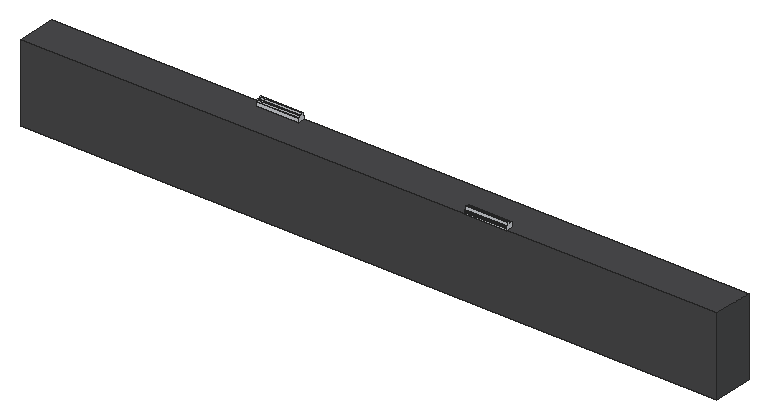
Revit family "DTM30N6.1", category Luminarias, Revit 2019
Family settings
  Cota de conector redondo = Diámetro de uso
  Tipo de pieza = Normal
  Se basa en plano de trabajo = Sí
  Siempre vertical = Sí
  Corte con vacíos al cargar = No
  Origen de luz = Sí
  Compartido = No
  Punto de cálculo de habitación = No
Parameters (values of type "RECTANGULAR DWN RIEL_DTM30N6.1.1535")
  Ángulo de inclinación = 60.00°
  Zone [instance] = ""
  Watt per fixture = 15
  Wattage = 30.4 W
  built-in parameter 1150107 = 4000 (stored number, unit not read)
  built-in parameter 1150110 = 1 (stored number, unit not read)
  built-in parameter 1150109 = 1 (stored number, unit not read)
  built-in parameter 1150112 = 1 (stored number, unit not read)
  built-in parameter 1150113 = 1 (stored number, unit not read)
  built-in parameter 1114218 = 1 (stored number, unit not read)
  Keynote = ""
  built-in parameter 1150137 = (empty or 0)
  built-in parameter 1150132 = (empty or 0)
  Modelo = "DTM30N6.1.1535"
  Lámpara = "3030SMD PHILIPS"
  built-in parameter 1150105 = 217.72 (stored number, unit not read)
  built-in parameter 1150102 = (empty or 0)
  built-in parameter 1150106 = 2.1772 (stored number, unit not read)
  Lumens = 2736 lm
  Color Filter = 16777215
  built-in parameter 1114217 = 1 (stored number, unit not read)
  built-in parameter 1150139 = (empty or 0)
  Fabricante = "BRILLANT"
  Default Elevation = 1219.2 mm
  built-in parameter 1150104 = 8.3613 (stored number, unit not read)
  Descripción = "LUMINARIA DOWNLIGHT EN FORMATO RECTANGULAR COMPATIBLE CON RIEL DE 6 ENTRADAS Y 3 CIRCUITOS, CUERPO DE ALUMINIO ACABADO EN COLOR NEGRO, IP 20, PESO 1.40Kg, TIPO DE LED 3030SMD PHILIPS CON 30.4W TOTAL, 1450 LUMENES, 90LM/W, IRC 90, TEMPERATURA EN BLANCO FRIO 4000K, 50 MIL HORAS DE VIDA PROMEDIO, APERTURA ELIPTICA DE 15X35 GRADOS POR PROYECTO, ALIMENTADO A 90-240V"
  built-in parameter 1150115 = 1 (stored number, unit not read)
  built-in parameter 1150114 = 1 (stored number, unit not read)
  Comentarios de vataje = "90-240V"
  built-in parameter 1150138 = (empty or 0)
  built-in parameter 1150134 = 12
  Circuit [instance] = ""
  Dimming Lamp Color Temperature Shift = (empty or 0)
  Archivo de red fotométrica = "L646A-30W-840-B-15X35_IESNA95.IES"
  built-in parameter 1150133 = 10 (stored number, unit not read)
Reference planes
  plane 1 "Centro (Frontal/Posterior)": y = 0
  plane 2: z = 0
  plane 3 "Centro (Izquierda/Derecha)": x = 0
Forms (mm)
  Extrusion 1, solid, material "Default Form"
    sketch origin (0, 0, 0) x (1, 0, 0) y (0, 0, 1)
      loop
        line (-323, 0) -> (-323, -72) -> (323, -72) -> (323, 0) -> (-323, 0)
    from -18.326 to 18.326
  Extrusion 2, solid
    sketch origin (0, 0, 3.217) x (0, 1, 0) y (0, 0, 1)
      loop
        line (-12.149, -3.217) -> (-12.149, 0) -> (-12.935, 0) -> (-12.935, 1.637) -> (-13.796, 1.637) -> (-13.796, 0) -> (-14.582, 0) -> (-14.582, 0.811) -> (-15.443, 0.811) -> (-15.443, 0) -> (-16.233, 0) -> (-16.233, 2.691) -> (-17.279, 2.691) -> (-17.279, 0) -> (-18.061, 0) -> (-18.061, -0.861) -> (-17.162, -0.861) -> (-17.162, -2.042) -> (-18.326, -2.042) -> (-18.326, -3.217) -> (-12.149, -3.217)
    from 89.098 to 128.24
  Extrusion 3, solid
    sketch origin (0, 0, 3.217) x (0, -1, 0) y (0, 0, 1)
      loop
        line (-12.149, -3.217) -> (-12.149, 0) -> (-12.935, 0) -> (-12.935, 1.637) -> (-13.796, 1.637) -> (-13.796, 0) -> (-14.582, 0) -> (-14.582, 0.811) -> (-15.443, 0.811) -> (-15.443, 0) -> (-16.233, 0) -> (-16.233, 2.691) -> (-17.279, 2.691) -> (-17.279, 0) -> (-18.061, 0) -> (-18.061, -0.861) -> (-17.162, -0.861) -> (-17.162, -2.042) -> (-18.326, -2.042) -> (-18.326, -3.217) -> (-12.149, -3.217)
    from 89.098 to 128.24
  Blend 4, void
    base sketch origin (-142.93, 0, 0) x (1, 0, 0) y (0, 1, 0)
      loop
        line (-162, 16.149) -> (-162, -16.149) -> (-144.14, -16.149) -> (-144.14, 16.149) -> (-162, 16.149)
    top sketch origin (-142.93, 0, 0) x (1, 0, 0) y (0, 1, 0)
      loop
        line (-160, 12.149) -> (-160, -12.149) -> (-146.14, -12.149) -> (-146.14, 12.149) -> (-160, 12.149)
    from -72 to -61.591
  Blend 5, void
    base sketch origin (-115.93, 0, 0) x (1, 0, 0) y (0, 1, 0)
      loop
        line (-162, 16.149) -> (-162, -16.149) -> (-144.14, -16.149) -> (-144.14, 16.149) -> (-162, 16.149)
    top sketch origin (-115.93, 0, 0) x (1, 0, 0) y (0, 1, 0)
      loop
        line (-160, 12.149) -> (-160, -12.149) -> (-146.14, -12.149) -> (-146.14, 12.149) -> (-160, 12.149)
    from -72 to -61.591
  Blend 6, void
    base sketch origin (-88.93, 0, 0) x (1, 0, 0) y (0, 1, 0)
      loop
        line (-162, 16.149) -> (-162, -16.149) -> (-144.14, -16.149) -> (-144.14, 16.149) -> (-162, 16.149)
    top sketch origin (-88.93, 0, 0) x (1, 0, 0) y (0, 1, 0)
      loop
        line (-160, 12.149) -> (-160, -12.149) -> (-146.14, -12.149) -> (-146.14, 12.149) -> (-160, 12.149)
    from -72 to -61.591
  Blend 7, void
    base sketch origin (-61.93, 0, 0) x (1, 0, 0) y (0, 1, 0)
      loop
        line (-162, 16.149) -> (-162, -16.149) -> (-144.14, -16.149) -> (-144.14, 16.149) -> (-162, 16.149)
    top sketch origin (-61.93, 0, 0) x (1, 0, 0) y (0, 1, 0)
      loop
        line (-160, 12.149) -> (-160, -12.149) -> (-146.14, -12.149) -> (-146.14, 12.149) -> (-160, 12.149)
    from -72 to -61.591
  Blend 8, void
    base sketch origin (-34.93, 0, 0) x (1, 0, 0) y (0, 1, 0)
      loop
        line (-162, 16.149) -> (-162, -16.149) -> (-144.14, -16.149) -> (-144.14, 16.149) -> (-162, 16.149)
    top sketch origin (-34.93, 0, 0) x (1, 0, 0) y (0, 1, 0)
      loop
        line (-160, 12.149) -> (-160, -12.149) -> (-146.14, -12.149) -> (-146.14, 12.149) -> (-160, 12.149)
    from -72 to -61.591
  Blend 9, void
    base sketch origin (-7.93, 0, 0) x (1, 0, 0) y (0, 1, 0)
      loop
        line (-162, 16.149) -> (-162, -16.149) -> (-144.14, -16.149) -> (-144.14, 16.149) -> (-162, 16.149)
    top sketch origin (-7.93, 0, 0) x (1, 0, 0) y (0, 1, 0)
      loop
        line (-160, 12.149) -> (-160, -12.149) -> (-146.14, -12.149) -> (-146.14, 12.149) -> (-160, 12.149)
    from -72 to -61.591
  Blend 10, void
    base sketch origin (19.07, 0, 0) x (1, 0, 0) y (0, 1, 0)
      loop
        line (-162, 16.149) -> (-162, -16.149) -> (-144.14, -16.149) -> (-144.14, 16.149) -> (-162, 16.149)
    top sketch origin (19.07, 0, 0) x (1, 0, 0) y (0, 1, 0)
      loop
        line (-160, 12.149) -> (-160, -12.149) -> (-146.14, -12.149) -> (-146.14, 12.149) -> (-160, 12.149)
    from -72 to -61.591
  Blend 11, void
    base sketch origin (46.07, 0, 0) x (1, 0, 0) y (0, 1, 0)
      loop
        line (-162, 16.149) -> (-162, -16.149) -> (-144.14, -16.149) -> (-144.14, 16.149) -> (-162, 16.149)
    top sketch origin (46.07, 0, 0) x (1, 0, 0) y (0, 1, 0)
      loop
        line (-160, 12.149) -> (-160, -12.149) -> (-146.14, -12.149) -> (-146.14, 12.149) -> (-160, 12.149)
    from -72 to -61.591
  Blend 12, void
    base sketch origin (73.07, 0, 0) x (1, 0, 0) y (0, 1, 0)
      loop
        line (-162, 16.149) -> (-162, -16.149) -> (-144.14, -16.149) -> (-144.14, 16.149) -> (-162, 16.149)
    top sketch origin (73.07, 0, 0) x (1, 0, 0) y (0, 1, 0)
      loop
        line (-160, 12.149) -> (-160, -12.149) -> (-146.14, -12.149) -> (-146.14, 12.149) -> (-160, 12.149)
    from -72 to -61.591
  Blend 13, void
    base sketch origin (100.07, 0, 0) x (1, 0, 0) y (0, 1, 0)
      loop
        line (-162, 16.149) -> (-162, -16.149) -> (-144.14, -16.149) -> (-144.14, 16.149) -> (-162, 16.149)
    top sketch origin (100.07, 0, 0) x (1, 0, 0) y (0, 1, 0)
      loop
        line (-160, 12.149) -> (-160, -12.149) -> (-146.14, -12.149) -> (-146.14, 12.149) -> (-160, 12.149)
    from -72 to -61.591
  Blend 14, void
    base sketch origin (127.07, 0, 0) x (1, 0, 0) y (0, 1, 0)
      loop
        line (-162, 16.149) -> (-162, -16.149) -> (-144.14, -16.149) -> (-144.14, 16.149) -> (-162, 16.149)
    top sketch origin (127.07, 0, 0) x (1, 0, 0) y (0, 1, 0)
      loop
        line (-160, 12.149) -> (-160, -12.149) -> (-146.14, -12.149) -> (-146.14, 12.149) -> (-160, 12.149)
    from -72 to -61.591
  Blend 15, void
    base sketch origin (154.07, 0, 0) x (1, 0, 0) y (0, 1, 0)
      loop
        line (-162, 16.149) -> (-162, -16.149) -> (-144.14, -16.149) -> (-144.14, 16.149) -> (-162, 16.149)
    top sketch origin (154.07, 0, 0) x (1, 0, 0) y (0, 1, 0)
      loop
        line (-160, 12.149) -> (-160, -12.149) -> (-146.14, -12.149) -> (-146.14, 12.149) -> (-160, 12.149)
    from -72 to -61.591
  Blend 16, void
    base sketch origin (181.07, 0, 0) x (1, 0, 0) y (0, 1, 0)
      loop
        line (-162, 16.149) -> (-162, -16.149) -> (-144.14, -16.149) -> (-144.14, 16.149) -> (-162, 16.149)
    top sketch origin (181.07, 0, 0) x (1, 0, 0) y (0, 1, 0)
      loop
        line (-160, 12.149) -> (-160, -12.149) -> (-146.14, -12.149) -> (-146.14, 12.149) -> (-160, 12.149)
    from -72 to -61.591
  Blend 17, void
    base sketch origin (208.07, 0, 0) x (1, 0, 0) y (0, 1, 0)
      loop
        line (-162, 16.149) -> (-162, -16.149) -> (-144.14, -16.149) -> (-144.14, 16.149) -> (-162, 16.149)
    top sketch origin (208.07, 0, 0) x (1, 0, 0) y (0, 1, 0)
      loop
        line (-160, 12.149) -> (-160, -12.149) -> (-146.14, -12.149) -> (-146.14, 12.149) -> (-160, 12.149)
    from -72 to -61.591
  Blend 18, void
    base sketch origin (235.07, 0, 0) x (1, 0, 0) y (0, 1, 0)
      loop
        line (-162, 16.149) -> (-162, -16.149) -> (-144.14, -16.149) -> (-144.14, 16.149) -> (-162, 16.149)
    top sketch origin (235.07, 0, 0) x (1, 0, 0) y (0, 1, 0)
      loop
        line (-160, 12.149) -> (-160, -12.149) -> (-146.14, -12.149) -> (-146.14, 12.149) -> (-160, 12.149)
    from -72 to -61.591
  Blend 19, void
    base sketch origin (262.07, 0, 0) x (1, 0, 0) y (0, 1, 0)
      loop
        line (-162, 16.149) -> (-162, -16.149) -> (-144.14, -16.149) -> (-144.14, 16.149) -> (-162, 16.149)
    top sketch origin (262.07, 0, 0) x (1, 0, 0) y (0, 1, 0)
      loop
        line (-160, 12.149) -> (-160, -12.149) -> (-146.14, -12.149) -> (-146.14, 12.149) -> (-160, 12.149)
    from -72 to -61.591
  Blend 20, void
    base sketch origin (289.07, 0, 0) x (1, 0, 0) y (0, 1, 0)
      loop
        line (-162, 16.149) -> (-162, -16.149) -> (-144.14, -16.149) -> (-144.14, 16.149) -> (-162, 16.149)
    top sketch origin (289.07, 0, 0) x (1, 0, 0) y (0, 1, 0)
      loop
        line (-160, 12.149) -> (-160, -12.149) -> (-146.14, -12.149) -> (-146.14, 12.149) -> (-160, 12.149)
    from -72 to -61.591
  Blend 21, void
    base sketch origin (316.07, 0, 0) x (1, 0, 0) y (0, 1, 0)
      loop
        line (-162, 16.149) -> (-162, -16.149) -> (-144.14, -16.149) -> (-144.14, 16.149) -> (-162, 16.149)
    top sketch origin (316.07, 0, 0) x (1, 0, 0) y (0, 1, 0)
      loop
        line (-160, 12.149) -> (-160, -12.149) -> (-146.14, -12.149) -> (-146.14, 12.149) -> (-160, 12.149)
    from -72 to -61.591
  Blend 22, void
    base sketch origin (343.07, 0, 0) x (1, 0, 0) y (0, 1, 0)
      loop
        line (-162, 16.149) -> (-162, -16.149) -> (-144.14, -16.149) -> (-144.14, 16.149) -> (-162, 16.149)
    top sketch origin (343.07, 0, 0) x (1, 0, 0) y (0, 1, 0)
      loop
        line (-160, 12.149) -> (-160, -12.149) -> (-146.14, -12.149) -> (-146.14, 12.149) -> (-160, 12.149)
    from -72 to -61.591
  Blend 23, void
    base sketch origin (370.07, 0, 0) x (1, 0, 0) y (0, 1, 0)
      loop
        line (-162, 16.149) -> (-162, -16.149) -> (-144.14, -16.149) -> (-144.14, 16.149) -> (-162, 16.149)
    top sketch origin (370.07, 0, 0) x (1, 0, 0) y (0, 1, 0)
      loop
        line (-160, 12.149) -> (-160, -12.149) -> (-146.14, -12.149) -> (-146.14, 12.149) -> (-160, 12.149)
    from -72 to -61.591
  Blend 24, void
    base sketch origin (397.07, 0, 0) x (1, 0, 0) y (0, 1, 0)
      loop
        line (-162, 16.149) -> (-162, -16.149) -> (-144.14, -16.149) -> (-144.14, 16.149) -> (-162, 16.149)
    top sketch origin (397.07, 0, 0) x (1, 0, 0) y (0, 1, 0)
      loop
        line (-160, 12.149) -> (-160, -12.149) -> (-146.14, -12.149) -> (-146.14, 12.149) -> (-160, 12.149)
    from -72 to -61.591
  Blend 25, void
    base sketch origin (424.07, 0, 0) x (1, 0, 0) y (0, 1, 0)
      loop
        line (-162, 16.149) -> (-162, -16.149) -> (-144.14, -16.149) -> (-144.14, 16.149) -> (-162, 16.149)
    top sketch origin (424.07, 0, 0) x (1, 0, 0) y (0, 1, 0)
      loop
        line (-160, 12.149) -> (-160, -12.149) -> (-146.14, -12.149) -> (-146.14, 12.149) -> (-160, 12.149)
    from -72 to -61.591
  Blend 26, void
    base sketch origin (451.07, 0, 0) x (1, 0, 0) y (0, 1, 0)
      loop
        line (-162, 16.149) -> (-162, -16.149) -> (-144.14, -16.149) -> (-144.14, 16.149) -> (-162, 16.149)
    top sketch origin (451.07, 0, 0) x (1, 0, 0) y (0, 1, 0)
      loop
        line (-160, 12.149) -> (-160, -12.149) -> (-146.14, -12.149) -> (-146.14, 12.149) -> (-160, 12.149)
    from -72 to -61.591
Cuts and joins
  Blend 4, Blend 5, Blend 6, Blend 7, Blend 8, Blend 9, Blend 10, Blend 11, Blend 12, Blend 13, Blend 14, Blend 15, Blend 16, Blend 17, Blend 18, Blend 19, Blend 20, Blend 21, Blend 22, Blend 23, Blend 24, Blend 25, Blend 26 cuts Extrusion 1
Dimensions and locks
  equal spacing: Extrusion 1, plane 1 "Centro (Frontal/Posterior)", Extrusion 1
  Extrusion 1 to plane 1 "Centro (Frontal/Posterior)" = 18.326 mm
  Extrusion 1 to Extrusion 1 = 36.651 mm
  Extrusion 1 to Extrusion 1 = 72 mm
  Extrusion 1 to Extrusion 1 = 646 mm
  cut or joined group 1 (Extrusion 1, Blend 4, Blend 5, Blend 6, Blend 7, Blend 8, Blend 9, Blend 10, Blend 11, Blend 12, Blend 13, Blend 14, Blend 15, Blend 16, Blend 17, Blend 18, Blend 19, Blend 20, Blend 21, Blend 22, Blend 23, Blend 24, Blend 25, Blend 26) to cut or joined group 1 = 72 mm
  cut or joined group 1 to cut or joined group 1 = 36.651 mm
  cut or joined group 1 to cut or joined group 1 = 646 mm
  equal spacing: cut or joined group 1, plane 1 "Centro (Frontal/Posterior)", cut or joined group 1
  aligned and locked: level to plane 2
Automatic sketch dimensions
  Extrusion 1 sketch curve to level = 0 mm
  Extrusion 1 sketch curve to level = 72 mm
  Extrusion 1 sketch curve to plane 3 "Centro (Izquierda/Derecha)" = 323 mm
  plane 3 "Centro (Izquierda/Derecha)" to Extrusion 1 sketch curve = 323 mm
  Extrusion 2 sketch curve to level = 0 mm
  level to Extrusion 2 sketch curve = 1.175 mm
  plane 1 "Centro (Frontal/Posterior)" to Extrusion 2 sketch curve = 18.326 mm
  Extrusion 2 sketch curve to Extrusion 2 sketch curve = 0.265 mm
  Extrusion 2 sketch curve to Extrusion 2 sketch curve = 0.782 mm
  Extrusion 2 sketch curve to Extrusion 2 sketch curve = 1.164 mm
  Extrusion 2 sketch curve to Extrusion 2 sketch curve = 1.046 mm
  Extrusion 2 sketch curve to Extrusion 2 sketch curve = 0.789 mm
  Extrusion 2 sketch curve to Extrusion 2 sketch curve = 0.861 mm  (x3)
  Extrusion 2 sketch curve to Extrusion 2 sketch curve = 0.786 mm
  Extrusion 2 sketch curve to Extrusion 2 sketch curve = 0.785 mm
  Extrusion 2 sketch curve to Extrusion 2 sketch curve = 1.181 mm
  level to Extrusion 2 sketch curve = 3.217 mm
  Extrusion 2 sketch curve to Extrusion 2 sketch curve = 0 mm  (x2)
  Extrusion 2 sketch curve to Extrusion 2 sketch curve = 0.811 mm
  Extrusion 2 sketch curve to Extrusion 2 sketch curve = 0.826 mm
  Extrusion 2 sketch curve to Extrusion 2 sketch curve = 1.88 mm
  Extrusion 3 sketch curve to level = 0 mm
  level to Extrusion 3 sketch curve = 1.175 mm
  Extrusion 3 sketch curve to plane 1 "Centro (Frontal/Posterior)" = 18.326 mm
  Extrusion 3 sketch curve to Extrusion 3 sketch curve = 0.265 mm
  Extrusion 3 sketch curve to Extrusion 3 sketch curve = 0.782 mm
  Extrusion 3 sketch curve to Extrusion 3 sketch curve = 1.164 mm
  Extrusion 3 sketch curve to Extrusion 3 sketch curve = 1.046 mm
  Extrusion 3 sketch curve to Extrusion 3 sketch curve = 0.789 mm
  Extrusion 3 sketch curve to Extrusion 3 sketch curve = 0.861 mm  (x3)
  Extrusion 3 sketch curve to Extrusion 3 sketch curve = 0.786 mm
  Extrusion 3 sketch curve to Extrusion 3 sketch curve = 0.785 mm
  Extrusion 3 sketch curve to Extrusion 3 sketch curve = 1.181 mm
  level to Extrusion 3 sketch curve = 3.217 mm
  Extrusion 3 sketch curve to Extrusion 3 sketch curve = 0 mm  (x2)
  Extrusion 3 sketch curve to Extrusion 3 sketch curve = 0.811 mm
  Extrusion 3 sketch curve to Extrusion 3 sketch curve = 0.826 mm
  Extrusion 3 sketch curve to Extrusion 3 sketch curve = 1.88 mm
  Blend 4 sketch curve to plane 1 "Centro (Frontal/Posterior)" = 16.149 mm
  Blend 4 sketch curve to plane 3 "Centro (Izquierda/Derecha)" = 304.93 mm
  Blend 4 sketch curve to Blend 4 sketch curve = 17.86 mm
  plane 1 "Centro (Frontal/Posterior)" to Blend 4 sketch curve = 16.149 mm
  Blend 4 sketch curve to plane 1 "Centro (Frontal/Posterior)" = 12.149 mm
  Blend 4 sketch curve to plane 3 "Centro (Izquierda/Derecha)" = 302.93 mm
  Blend 4 sketch curve to Blend 4 sketch curve = 13.86 mm
  plane 1 "Centro (Frontal/Posterior)" to Blend 4 sketch curve = 12.149 mm
  Blend 5 sketch curve to Blend 5 sketch curve = 17.86 mm
  Blend 5 sketch curve to Blend 5 sketch curve = 13.86 mm
  Blend 5 sketch curve to Blend 5 sketch curve = 32.298 mm
  Blend 5 sketch curve to Blend 5 sketch curve = 24.298 mm
  Blend 6 sketch curve to Blend 6 sketch curve = 17.86 mm
  Blend 6 sketch curve to Blend 6 sketch curve = 13.86 mm
  Blend 6 sketch curve to Blend 6 sketch curve = 32.298 mm
  Blend 6 sketch curve to Blend 6 sketch curve = 24.298 mm
  Blend 7 sketch curve to Blend 7 sketch curve = 17.86 mm
  Blend 7 sketch curve to Blend 7 sketch curve = 13.86 mm
  Blend 7 sketch curve to Blend 7 sketch curve = 32.298 mm
  Blend 7 sketch curve to Blend 7 sketch curve = 24.298 mm
  Blend 8 sketch curve to Blend 8 sketch curve = 17.86 mm
  Blend 8 sketch curve to Blend 8 sketch curve = 13.86 mm
  Blend 8 sketch curve to Blend 8 sketch curve = 32.298 mm
  Blend 8 sketch curve to Blend 8 sketch curve = 24.298 mm
  Blend 9 sketch curve to Blend 9 sketch curve = 17.86 mm
  Blend 9 sketch curve to Blend 9 sketch curve = 13.86 mm
  Blend 9 sketch curve to Blend 9 sketch curve = 32.298 mm
  Blend 9 sketch curve to Blend 9 sketch curve = 24.298 mm
  Blend 10 sketch curve to Blend 10 sketch curve = 17.86 mm
  Blend 10 sketch curve to Blend 10 sketch curve = 13.86 mm
  Blend 10 sketch curve to Blend 10 sketch curve = 32.298 mm
  Blend 10 sketch curve to Blend 10 sketch curve = 24.298 mm
  Blend 11 sketch curve to Blend 11 sketch curve = 17.86 mm
  Blend 11 sketch curve to Blend 11 sketch curve = 13.86 mm
  Blend 11 sketch curve to Blend 11 sketch curve = 32.298 mm
  Blend 11 sketch curve to Blend 11 sketch curve = 24.298 mm
  Blend 12 sketch curve to Blend 12 sketch curve = 17.86 mm
  Blend 12 sketch curve to Blend 12 sketch curve = 13.86 mm
  Blend 12 sketch curve to Blend 12 sketch curve = 32.298 mm
  Blend 12 sketch curve to Blend 12 sketch curve = 24.298 mm
  Blend 13 sketch curve to Blend 13 sketch curve = 17.86 mm
  Blend 13 sketch curve to Blend 13 sketch curve = 13.86 mm
  Blend 13 sketch curve to Blend 13 sketch curve = 32.298 mm
  Blend 13 sketch curve to Blend 13 sketch curve = 24.298 mm
  Blend 14 sketch curve to Blend 14 sketch curve = 17.86 mm
  Blend 14 sketch curve to Blend 14 sketch curve = 13.86 mm
  Blend 14 sketch curve to Blend 14 sketch curve = 32.298 mm
  Blend 14 sketch curve to Blend 14 sketch curve = 24.298 mm
  Blend 15 sketch curve to Blend 15 sketch curve = 17.86 mm
  Blend 15 sketch curve to Blend 15 sketch curve = 13.86 mm
  Blend 15 sketch curve to Blend 15 sketch curve = 32.298 mm
  Blend 15 sketch curve to Blend 15 sketch curve = 24.298 mm
  Blend 16 sketch curve to Blend 16 sketch curve = 17.86 mm
  Blend 16 sketch curve to Blend 16 sketch curve = 13.86 mm
  Blend 16 sketch curve to Blend 16 sketch curve = 32.298 mm
  Blend 16 sketch curve to Blend 16 sketch curve = 24.298 mm
  Blend 17 sketch curve to Blend 17 sketch curve = 17.86 mm
  Blend 17 sketch curve to Blend 17 sketch curve = 13.86 mm
  Blend 17 sketch curve to Blend 17 sketch curve = 32.298 mm
  Blend 17 sketch curve to Blend 17 sketch curve = 24.298 mm
  Blend 18 sketch curve to Blend 18 sketch curve = 17.86 mm
  Blend 18 sketch curve to Blend 18 sketch curve = 13.86 mm
  Blend 18 sketch curve to Blend 18 sketch curve = 32.298 mm
  Blend 18 sketch curve to Blend 18 sketch curve = 24.298 mm
  Blend 19 sketch curve to Blend 19 sketch curve = 17.86 mm
  Blend 19 sketch curve to Blend 19 sketch curve = 13.86 mm
  Blend 19 sketch curve to Blend 19 sketch curve = 32.298 mm
  Blend 19 sketch curve to Blend 19 sketch curve = 24.298 mm
  Blend 20 sketch curve to Blend 20 sketch curve = 17.86 mm
  Blend 20 sketch curve to Blend 20 sketch curve = 13.86 mm
  Blend 20 sketch curve to Blend 20 sketch curve = 32.298 mm
  Blend 20 sketch curve to Blend 20 sketch curve = 24.298 mm
  Blend 21 sketch curve to Blend 21 sketch curve = 17.86 mm
  Blend 21 sketch curve to Blend 21 sketch curve = 13.86 mm
  Blend 21 sketch curve to Blend 21 sketch curve = 32.298 mm
  Blend 21 sketch curve to Blend 21 sketch curve = 24.298 mm
  Blend 22 sketch curve to Blend 22 sketch curve = 17.86 mm
  Blend 22 sketch curve to Blend 22 sketch curve = 13.86 mm
  Blend 22 sketch curve to Blend 22 sketch curve = 32.298 mm
  Blend 22 sketch curve to Blend 22 sketch curve = 24.298 mm
  Blend 23 sketch curve to Blend 23 sketch curve = 17.86 mm
  Blend 23 sketch curve to Blend 23 sketch curve = 13.86 mm
  Blend 23 sketch curve to Blend 23 sketch curve = 32.298 mm
  Blend 23 sketch curve to Blend 23 sketch curve = 24.298 mm
  Blend 24 sketch curve to Blend 24 sketch curve = 17.86 mm
  Blend 24 sketch curve to Blend 24 sketch curve = 13.86 mm
  Blend 24 sketch curve to Blend 24 sketch curve = 32.298 mm
  Blend 24 sketch curve to Blend 24 sketch curve = 24.298 mm
  Blend 25 sketch curve to Blend 25 sketch curve = 17.86 mm
  Blend 25 sketch curve to Blend 25 sketch curve = 13.86 mm
  Blend 25 sketch curve to Blend 25 sketch curve = 32.298 mm
  Blend 25 sketch curve to Blend 25 sketch curve = 24.298 mm
  Blend 26 sketch curve to Blend 26 sketch curve = 17.86 mm
  Blend 26 sketch curve to Blend 26 sketch curve = 13.86 mm
  Blend 26 sketch curve to Blend 26 sketch curve = 32.298 mm
  Blend 26 sketch curve to Blend 26 sketch curve = 24.298 mm
  Blend 5 sketch curve to plane 1 "Centro (Frontal/Posterior)" = 16.149 mm
  Blend 5 sketch curve to plane 3 "Centro (Izquierda/Derecha)" = 277.93 mm
  Blend 5 sketch curve to plane 1 "Centro (Frontal/Posterior)" = 12.149 mm
  Blend 5 sketch curve to plane 3 "Centro (Izquierda/Derecha)" = 275.93 mm
  Blend 6 sketch curve to plane 1 "Centro (Frontal/Posterior)" = 16.149 mm
  Blend 6 sketch curve to plane 3 "Centro (Izquierda/Derecha)" = 250.93 mm
  Blend 6 sketch curve to plane 1 "Centro (Frontal/Posterior)" = 12.149 mm
  Blend 6 sketch curve to plane 3 "Centro (Izquierda/Derecha)" = 248.93 mm
  Blend 7 sketch curve to plane 1 "Centro (Frontal/Posterior)" = 16.149 mm
  Blend 7 sketch curve to plane 3 "Centro (Izquierda/Derecha)" = 223.93 mm
  Blend 7 sketch curve to plane 1 "Centro (Frontal/Posterior)" = 12.149 mm
  Blend 7 sketch curve to plane 3 "Centro (Izquierda/Derecha)" = 221.93 mm
  Blend 8 sketch curve to plane 1 "Centro (Frontal/Posterior)" = 16.149 mm
  Blend 8 sketch curve to plane 3 "Centro (Izquierda/Derecha)" = 196.93 mm
  Blend 8 sketch curve to plane 1 "Centro (Frontal/Posterior)" = 12.149 mm
  Blend 8 sketch curve to plane 3 "Centro (Izquierda/Derecha)" = 194.93 mm
  Blend 9 sketch curve to plane 1 "Centro (Frontal/Posterior)" = 16.149 mm
  Blend 9 sketch curve to plane 3 "Centro (Izquierda/Derecha)" = 169.93 mm
  Blend 9 sketch curve to plane 1 "Centro (Frontal/Posterior)" = 12.149 mm
  Blend 9 sketch curve to plane 3 "Centro (Izquierda/Derecha)" = 167.93 mm
  Blend 10 sketch curve to plane 1 "Centro (Frontal/Posterior)" = 16.149 mm
  Blend 10 sketch curve to plane 3 "Centro (Izquierda/Derecha)" = 142.93 mm
  Blend 10 sketch curve to plane 1 "Centro (Frontal/Posterior)" = 12.149 mm
  Blend 10 sketch curve to plane 3 "Centro (Izquierda/Derecha)" = 140.93 mm
  Blend 11 sketch curve to plane 1 "Centro (Frontal/Posterior)" = 16.149 mm
  Blend 11 sketch curve to plane 3 "Centro (Izquierda/Derecha)" = 115.93 mm
  Blend 11 sketch curve to plane 1 "Centro (Frontal/Posterior)" = 12.149 mm
  Blend 11 sketch curve to plane 3 "Centro (Izquierda/Derecha)" = 113.93 mm
  Blend 12 sketch curve to plane 1 "Centro (Frontal/Posterior)" = 16.149 mm
  Blend 12 sketch curve to plane 3 "Centro (Izquierda/Derecha)" = 88.93 mm
  Blend 12 sketch curve to plane 1 "Centro (Frontal/Posterior)" = 12.149 mm
  Blend 12 sketch curve to plane 3 "Centro (Izquierda/Derecha)" = 86.93 mm
  Blend 13 sketch curve to plane 1 "Centro (Frontal/Posterior)" = 16.149 mm
  Blend 13 sketch curve to plane 3 "Centro (Izquierda/Derecha)" = 61.93 mm
  Blend 13 sketch curve to plane 1 "Centro (Frontal/Posterior)" = 12.149 mm
  Blend 13 sketch curve to plane 3 "Centro (Izquierda/Derecha)" = 59.93 mm
  Blend 14 sketch curve to plane 1 "Centro (Frontal/Posterior)" = 16.149 mm
  Blend 14 sketch curve to plane 3 "Centro (Izquierda/Derecha)" = 34.93 mm
  Blend 14 sketch curve to plane 1 "Centro (Frontal/Posterior)" = 12.149 mm
  Blend 14 sketch curve to plane 3 "Centro (Izquierda/Derecha)" = 32.93 mm
  Blend 15 sketch curve to plane 3 "Centro (Izquierda/Derecha)" = 7.93 mm
  plane 1 "Centro (Frontal/Posterior)" to Blend 15 sketch curve = 16.149 mm
  Blend 15 sketch curve to plane 3 "Centro (Izquierda/Derecha)" = 5.93 mm
  plane 1 "Centro (Frontal/Posterior)" to Blend 15 sketch curve = 12.149 mm
  plane 3 "Centro (Izquierda/Derecha)" to Blend 16 sketch curve = 19.07 mm
  plane 1 "Centro (Frontal/Posterior)" to Blend 16 sketch curve = 16.149 mm
  plane 3 "Centro (Izquierda/Derecha)" to Blend 16 sketch curve = 21.07 mm
  plane 1 "Centro (Frontal/Posterior)" to Blend 16 sketch curve = 12.149 mm
  Blend 17 sketch curve to plane 1 "Centro (Frontal/Posterior)" = 16.149 mm
  plane 3 "Centro (Izquierda/Derecha)" to Blend 17 sketch curve = 46.07 mm
  Blend 17 sketch curve to plane 1 "Centro (Frontal/Posterior)" = 12.149 mm
  plane 3 "Centro (Izquierda/Derecha)" to Blend 17 sketch curve = 48.07 mm
  Blend 18 sketch curve to plane 1 "Centro (Frontal/Posterior)" = 16.149 mm
  plane 3 "Centro (Izquierda/Derecha)" to Blend 18 sketch curve = 73.07 mm
  Blend 18 sketch curve to plane 1 "Centro (Frontal/Posterior)" = 12.149 mm
  plane 3 "Centro (Izquierda/Derecha)" to Blend 18 sketch curve = 75.07 mm
  Blend 19 sketch curve to plane 1 "Centro (Frontal/Posterior)" = 16.149 mm
  plane 3 "Centro (Izquierda/Derecha)" to Blend 19 sketch curve = 100.07 mm
  Blend 19 sketch curve to plane 1 "Centro (Frontal/Posterior)" = 12.149 mm
  plane 3 "Centro (Izquierda/Derecha)" to Blend 19 sketch curve = 102.07 mm
  Blend 20 sketch curve to plane 1 "Centro (Frontal/Posterior)" = 16.149 mm
  plane 3 "Centro (Izquierda/Derecha)" to Blend 20 sketch curve = 127.07 mm
  Blend 20 sketch curve to plane 1 "Centro (Frontal/Posterior)" = 12.149 mm
  plane 3 "Centro (Izquierda/Derecha)" to Blend 20 sketch curve = 129.07 mm
  Blend 21 sketch curve to plane 1 "Centro (Frontal/Posterior)" = 16.149 mm
  plane 3 "Centro (Izquierda/Derecha)" to Blend 21 sketch curve = 154.07 mm
  Blend 21 sketch curve to plane 1 "Centro (Frontal/Posterior)" = 12.149 mm
  plane 3 "Centro (Izquierda/Derecha)" to Blend 21 sketch curve = 156.07 mm
  Blend 22 sketch curve to plane 1 "Centro (Frontal/Posterior)" = 16.149 mm
  plane 3 "Centro (Izquierda/Derecha)" to Blend 22 sketch curve = 181.07 mm
  Blend 22 sketch curve to plane 1 "Centro (Frontal/Posterior)" = 12.149 mm
  plane 3 "Centro (Izquierda/Derecha)" to Blend 22 sketch curve = 183.07 mm
  Blend 23 sketch curve to plane 1 "Centro (Frontal/Posterior)" = 16.149 mm
  plane 3 "Centro (Izquierda/Derecha)" to Blend 23 sketch curve = 208.07 mm
  Blend 23 sketch curve to plane 1 "Centro (Frontal/Posterior)" = 12.149 mm
  plane 3 "Centro (Izquierda/Derecha)" to Blend 23 sketch curve = 210.07 mm
  Blend 24 sketch curve to plane 1 "Centro (Frontal/Posterior)" = 16.149 mm
  plane 3 "Centro (Izquierda/Derecha)" to Blend 24 sketch curve = 235.07 mm
  Blend 24 sketch curve to plane 1 "Centro (Frontal/Posterior)" = 12.149 mm
  plane 3 "Centro (Izquierda/Derecha)" to Blend 24 sketch curve = 237.07 mm
  Blend 25 sketch curve to plane 1 "Centro (Frontal/Posterior)" = 16.149 mm
  plane 3 "Centro (Izquierda/Derecha)" to Blend 25 sketch curve = 262.07 mm
  Blend 25 sketch curve to plane 1 "Centro (Frontal/Posterior)" = 12.149 mm
  plane 3 "Centro (Izquierda/Derecha)" to Blend 25 sketch curve = 264.07 mm
  Blend 26 sketch curve to plane 1 "Centro (Frontal/Posterior)" = 16.149 mm
  plane 3 "Centro (Izquierda/Derecha)" to Blend 26 sketch curve = 289.07 mm
  Blend 26 sketch curve to plane 1 "Centro (Frontal/Posterior)" = 12.149 mm
  plane 3 "Centro (Izquierda/Derecha)" to Blend 26 sketch curve = 291.07 mm
Connectors
  electrical at (0, 0, 0)
    settings: on cut or joined group 1, index 1, voltage 240 V, apparent load 0 VA, apparent load phase1 0 VA, apparent load phase2 0 VA, apparent load phase3 0 VA, power factor 1, load classification "Otro", number of poles 1, system type 31, power factor state 1, is connector primary yes, connector utility no, sub classification motor no, connector description ""
